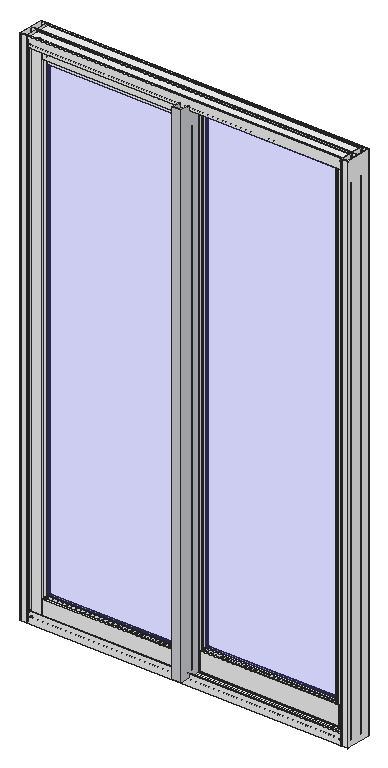
Revit family "Palace_Multi_XO_Standard", category Doors, host Wall, Revit 2014
Parameters (values of type "Palace-1524XO-1000Pa")
  Windload Design = if(Custom Windload < 1001 mm, 1000 mm, if(Custom Windload < 1501 mm, 1500 mm, 2000 mm))  # 1000 mm
  Width Sash Right [instance] = 758 mm
  Width Sash Left [instance] = 732 mm
  Width = if(Custom Door Width < Limit Door Width Min, Limit Door Width Min, if(Custom Door Width > Limit Door Width Max, Limit Door Width Max, Custom Door Width))  # 1490 mm
  Wall Thickness [instance] = 200 mm
  URL = "http://www.crealco.co.za/crealco-products.php"
  Toughened Safety U Value = 6.05
  Toughened Safety SHGC Value = 0.673
  Thickness = 758 mm
  Thermal Resistance (R) [instance] = if(IGDB or SAGDB Number = 1000016, 1.0000 (m²·K)/W / Toughened Safety U Value, if(IGDB or SAGDB Number = 100100, 1.0000 (m²·K)/W / Intruderprufe U Value, if(IGDB or SAGDB Number = 103200, 1.0000 (m²·K)/W / Intruderprufe LowE U Value, if(IGDB or SAGDB Number = 105003, 1.0000 (m²·K)/W / Intruderprufe Insulated U Value, if(IGDB or SAGDB Number = 105004, 1.0000 (m²·K)/W / Intruderprufe Insulated LowE U Value, 1.0000 (m²·K)/W / 7.9))))) * 1  # 0.126582 (m²·K)/W
  Solar Heat Gain Coefficient [instance] = if(IGDB or SAGDB Number = 1000016, Toughened Safety SHGC Value, if(IGDB or SAGDB Number = 100100, Intruderprufe SHGC Value, if(IGDB or SAGDB Number = 103200, Intruderprufe LowE SHGC Value, if(IGDB or SAGDB Number = 105003, Intruderprufe Insulated SHGC Value, if(IGDB or SAGDB Number = 105004, Intruderprufe Insulated LowE SHGC Value, 0)))))  # 0
  Single Glazing [instance] = not(Double Glazing)  # yes
  Sash Width Right = (Width - (2 * Sash Side Gap) - Sash Width Left) + Sash Interlocker Width  # 732 mm
  Sash Width Left = if(Equal Sash Width, ((Width - (2 * Sash Side Gap)) / 2) + (Sash Interlocker Width / 2), if(Custom Sash Width Left < Limit Sash Width Left Min, Limit Sash Width Left Min, if(Custom Sash Width Left > Limit Sash Width Left Max, Limit Sash Width Left Max, Custom Sash Width Left)))  # 732 mm
  Sash Interlocker Width = 40 mm  # constant formula
  Sash Height = Height - Sash Top Gap - Sash Bottom Gap  # 2331 mm
  Sash Top Gap = 28 mm  # constant formula
  Sash Side Gap = 33 mm  # constant formula
  Sash Frame Seal = 2.7 mm  # constant formula
  Sash Bottom Gap = 31 mm  # constant formula
  Rough Width = 2.5 mm
  Overall Width [instance] = 1490 mm
  Overall Height [instance] = 2390 mm
  Model = "Palace"  # constant formula
  Max System DG Unit Thickness = 25 mm  # constant formula
  Max System DG One Piece Thickness = rounddown((Max System DG Unit Thickness - DG Air Gap Thickness) / 2 mm) * 1 mm  # 6 mm
  Max Pane Area = if(Area Right Sash Glazing > Area Left Sash Glazing, Area Right Sash Glazing, Area Left Sash Glazing)  # 1.35969 m²
  Manufacturer = "Crealco"  # constant formula
  Limit Door Width Min = (2 * Limit Sash Width Min) + (2 * Sash Side Gap) - Sash Interlocker Width  # 626 mm
  Limit Door Width Max = 2990 mm  # constant formula
  Limit Door Height Min = Limit Sash Height Min + Sash Bottom Gap + Sash Top Gap  # 359 mm
  Limit Door Height Max = 2390 mm  # constant formula
  Limit Sash Width Min = 300 mm  # constant formula
  Limit Sash Width Max = 1500 mm  # constant formula
  Limit Sash Width Left Min = if(Width - (2 * Sash Side Gap) - Limit Sash Width Max + Sash Interlocker Width < Limit Sash Width Min, Limit Sash Width Min, Width - (2 * Sash Side Gap) - Limit Sash Width Max + Sash Interlocker Width)  # 300 mm
  Limit Sash Width Left Max = if(Width - (2 * Sash Side Gap) - Limit Sash Width Min + Sash Interlocker Width > Limit Sash Width Max, Limit Sash Width Max, Width - (2 * Sash Side Gap) - Limit Sash Width Min + Sash Interlocker Width)  # 1164 mm
  Limit Sash Height Min = 300 mm  # constant formula
  Limit Sash Height Max = 2400 mm  # constant formula
  Intruderprufe U Value = 5.94
  Intruderprufe SHGC Value = 0.632
  Intruderprufe LowE U Value = 4.71
  Intruderprufe LowE SHGC Value = 0.559
  Intruderprufe Insulated U Value = 3.71
  Intruderprufe Insulated SHGC Value = 0.548
  Intruderprufe Insulated LowE U Value = 3.16
  Intruderprufe Insulated LowE SHGC Value = 0.496
  Interlock Configuration = if(Windload Design = 1000 mm, if(and(not(Width > 1790 mm), not(Height > 2090 mm)), 0 mm, 1 mm), if(Windload Design = 1500 mm, 1 mm, 1 mm))  # 1 mm
  IGDB or SAGDB Number [instance] = 0
  Height Sash [instance] = 2331 mm
  Height = if(Custom Door Height < Limit Door Height Min, Limit Door Height Min, if(Custom Door Height > Limit Door Height Max, Limit Door Height Max, Custom Door Height))  # 2390 mm
  Heat Transfer Coefficient (U) [instance] = if(IGDB or SAGDB Number = 1000016, Toughened Safety U Value, if(IGDB or SAGDB Number = 100100, Intruderprufe U Value, if(IGDB or SAGDB Number = 103200, Intruderprufe LowE U Value, if(IGDB or SAGDB Number = 105003, Intruderprufe Insulated U Value, if(IGDB or SAGDB Number = 105004, Intruderprufe Insulated LowE U Value, 7.9))))) * 1.0000 W/(m²·K)  # 7.9000 W/(m²·K)
  Glazing Thickness DG [instance] = if(IGDB or SAGDB Number = 105003, 6 mm, if(IGDB or SAGDB Number = 105004, 7 mm, if(DG Thickness Calc > Max System DG One Piece Thickness, Max System DG One Piece Thickness, DG Thickness Calc)))  # 6 mm
  Glazing Thickness SG [instance] = if(IGDB or SAGDB Number = 1000016, 5 mm, if(IGDB or SAGDB Number = 100100, 6 mm, if(IGDB or SAGDB Number = 103200, 7 mm, if(not(Max Pane Area > 0.75 m²), 4 mm, if(not(Max Pane Area > 1.50 m²), 4 mm, if(not(Max Pane Area > 2.10 m²), 5 mm, if(not(Max Pane Area > 2.90 m²), 6.4 mm, if(not(Max Pane Area > 4.30 m²), 8 mm, 10 mm))))))))  # 4 mm
  Glazing Material [instance] = if(IGDB or SAGDB Number = 1000016, "PFG TOUGHENED SAFETY GLASS 5mm", if(IGDB or SAGDB Number = 100100, "PFG INTRUDERPRUFE 6.38mm", if(IGDB or SAGDB Number = 103200, "PFG INTRUDERPRUFE LOW-E 7.38mm", if(IGDB or SAGDB Number = 105003, "PFG 25mm INTRUDERPRUFE INSULATED GLASS", if(IGDB or SAGDB Number = 105004, "PFG 25mm INTRUDERPRUFE INSULATED GLASS LOW-E", "Unknown")))))  # "Unknown"
  Glazing Finish [instance] = Glass
  Glazing Code [instance] = if(IGDB or SAGDB Number = 1000016, "TSG5", if(IGDB or SAGDB Number = 100100, "LAM01", if(IGDB or SAGDB Number = 103200, "LAM01E", if(IGDB or SAGDB Number = 105003, "IGU25", if(IGDB or SAGDB Number = 105004, "IGU25E", "Unknown")))))  # "Unknown"
  Frame Thickness = 118 mm  # constant formula
  Frame Offset From Exterior [instance] = Frame Thickness / 2  # 59 mm
  Equal Sash Width = yes
  Double Glazing Gasket Material = Double Glazing Gasket Material
  Double Glazing [instance] = no
  Description = "High performance sliding door, XO"  # constant formula
  Default Sill Height = 0 mm  # constant formula
  Wall Closure = By host
  DG Thickness Calc = if(not(Max Pane Area > 1.125 m²), 6 mm, if(not(Max Pane Area > 2.25 m²), 6 mm, if(not(Max Pane Area > 3.15 m²), 6 mm, if(not(Max Pane Area > 4.35 m²), 6 mm, if(not(Max Pane Area > 6.45 m²), 8 mm, 10 mm)))))  # 6 mm
  DG Air Gap Thickness = 12 mm  # constant formula
  Custom Door Width = 1490 mm
  Custom Door Height = 2390 mm
  Custom Windload = 1000 mm
  Custom Sash Width Left = 600 mm
  Custom Frame Offset From Exterior = 0 mm
  Centered In Wall = yes
  Area Right Sash Glazing = (Sash Width Right - 65 mm - 45 mm) * (Sash Height - 90 mm - 55 mm)  # 1.35969 m²
  Area Left Sash Glazing = (Sash Width Left - 65 mm - 45 mm) * (Sash Height - 90 mm - 55 mm)  # 1.35969 m²
  Aluminium Finish [instance] = White Powder Coated Aluminium ANP 1052
  All Available Glazing Numbers [instance] = "The rows below list the available glazing materials for this window:"  # constant formula
  105004 [instance] = "IGU25E"  # constant formula
  105003 [instance] = "IGU25"  # constant formula
  103200 [instance] = "LAM01E"  # constant formula
  100100 [instance] = "LAM01"  # constant formula
  1000016 [instance] = "TSG5"  # constant formula
Reference planes
  plane 1 "Center (Front/Back)": y = 0
  plane 2 "Center (Left/Right)": x = 0
  plane 3 "Left": x = -745
  plane 4 "Right": x = 745
  plane 5 "Sill": z = 0
  plane 6 "Head": z = 2390
  plane 7 "Exterior": y = 100
  plane 8 "Interior": y = -100
Lines and regions (mm)
  Opening 1
    outline origin (3500, -100, 0) x (1, 0, 0) y (0, 0, 1)
      loop
        line (-2755, 0) -> (-2755, 2390) -> (-4245, 2390) -> (-4245, 0) -> (-2755, 0)
Text (mm)
  text "EXTERIOR" at (-1963.203, 1332.353, 0), in view "Ref. Level"
  text "INTERIOR" at (-1981.466, -818.386, 0), in view "Ref. Level"
  text "Exterior" at (0, 923.751, 2943.296), in view "Right"
  text "Exterior" at (0, 1040.484, 2685.409), in view "Left"
Dimensions and locks
  equal spacing: plane 3 "Left", plane 2 "Center (Left/Right)", plane 4 "Right"
  "Width": plane 3 "Left" to plane 4 "Right"
  "Height": plane 5 "Sill" to plane 6 "Head"
  "Default Sill Height": plane 5 "Sill" to level
  locked: plane 7 "Exterior" to host wall at 0
  locked: plane 8 "Interior" to host wall
  "Overall Height": plane 6 "Head" to plane 5 "Sill"
  "Overall Width": plane 3 "Left" to plane 4 "Right"
  "Frame Offset From Exterior": host wall to nested 1
  "Sash Side Gap": plane 3 "Left" to nested 2
  "Sash Frame Seal": nested 2 to nested 1
  "Sash Top Gap": nested 2 to plane 6 "Head"
  "Sash Side Gap": nested 3 to plane 4 "Right"
  "Sash Frame Seal": nested 1 to nested 3
  "Sash Top Gap": nested 3 to plane 6 "Head"
  "Height Sash": nested 3 to nested 3
  "Width Sash Left": nested 3 to nested 3
  "Sash Width Right": nested 2 to nested 2
  aligned and locked: plane 6 "Head" to nested 1
  aligned and locked: plane 3 "Left" to nested 1
Automatic sketch dimensions
  plane 3 "Left" to Opening 1 sketch curve = 0 mm
  plane 4 "Right" to Opening 1 sketch curve = 0 mm
  Opening 1 sketch curve to plane 5 "Sill" = 0 mm
  Opening 1 sketch curve to plane 6 "Head" = 0 mm
Nested families
  nested 1: "Palace_Frame_XO_Palace_XO_Std" at (-753.868, -56.684, -7.5), Profile Material <- "Aluminium Finish", Width <- "Width", Height <- "Height", type "Palace_Frame_XO_Palace_XO_Std"
    with Width 1490 mm, Profile Material White Powder Coated Aluminium ANP 1052, Length Jamb Adaptor 2295 mm, Length Jamb 2390 mm, Length Head & Sill 1430 mm, Length Floor Track 1430 mm, Height 2390 mm
  nested 2: "Palace_Sash_Fixed_Palace_XO_Std" at (20, -5.504, 31), Profile Material <- "Aluminium Finish", Glazing Material <- "Glazing Finish", Double Glazing Gasket Material <- "Double Glazing Gasket Material", Interlock Configuration <- "Interlock Configuration", Sash Width <- "Sash Width Right", Sash Height <- "Sash Height", Glazing Thickness DG <- "Glazing Thickness DG", Glazing Thickness SG <- "Glazing Thickness SG", DG Gasket Thickness <- "DG Air Gap Thickness", Double Glazing <- "Double Glazing", type "Palace_Sash_Fixed_Palace_XO_Std"
    with Standard Interlocker no, Single Glazing yes, Sash Width 732 mm, Sash Height 2331 mm, SG Exterior Offset 27.85 mm, Right Sliding no, Profile Material White Powder Coated Aluminium ANP 1052, Length Sash Head & Sill 632 mm, Length Jamb 2331 mm, Left Sliding no, Is Sliding no, Interlock Configuration 1 mm, Heavy Duty Interlock yes, Glazing Width 622 mm, Glazing Thickness SG 4 mm, Glazing Thickness DG 6 mm, Glazing Material Glass, Glazing Height 2186 mm, Double Glazing Gasket Material Double Glazing Gasket Material, Double Glazing no, DG Gasket Thickness 12 mm, DG Exterior Offset 9.9 mm, Bead Width 632 mm, Bead Height 2196 mm
  nested 3: "Palace_Sash_Sliding_Palace_XO_Std" at (-20, 49.5, 31) x (-1, 0, 0) z (0, 0, 1), Profile Material <- "Aluminium Finish", Glazing Material <- "Glazing Finish", Double Glazing Gasket Material <- "Double Glazing Gasket Material", Interlock Configuration <- "Interlock Configuration", Sash Width <- "Sash Width Left", Sash Height <- "Sash Height", Glazing Thickness DG <- "Glazing Thickness DG", Glazing Thickness SG <- "Glazing Thickness SG", DG Gasket Thickness <- "DG Air Gap Thickness", Double Glazing <- "Double Glazing", type "Palace_Sash_Sliding_Palace_XO_Std"
    with Standard Interlocker yes, Single Glazing yes, Sash Width 732 mm, Sash Height 2331 mm, SG Exterior Offset 27.85 mm, Right Sliding yes, Profile Material White Powder Coated Aluminium ANP 1052, Length Sash Head & Sill 632 mm, Length Jamb & Interlocker 2331 mm, Left Sliding no, Is Sliding yes, Interlock Configuration 1 mm, Heavy Duty Interlock no, Glazing Width 622 mm, Glazing Thickness SG 4 mm, Glazing Thickness DG 6 mm, Glazing Material Glass, Glazing Height 2186 mm, Double Glazing Gasket Material Double Glazing Gasket Material, Double Glazing no, DG Gasket Thickness 12 mm, DG Exterior Offset 9.9 mm, Bead Width 632 mm, Bead Height 2196 mm
  nested 4: "Single_Glazing_Palace_XO_Std" at (-647, -37.354, 121) x (-1, 0, 0) z (0, 0, 1), type "Single_Glazing_Palace_XO_Std"
    with Right Sliding no, Length Arrow Tip 52.667 mm, Length Arrow 173.8 mm, Left Sliding no, Is Sliding no, Glazing Width 622 mm, Glazing Thickness SG 4 mm, Glazing Material Glass, Glazing Height 2186 mm, Double Glazing Gasket Material Double Glazing Gasket Material, Arrow Tip Length 52.667 mm, Arrow Left Gap 224.1 mm, Arrow Bottom Gap 1093 mm
  nested 5: "Single_Glazing_Palace_XO_Std" at (647, 17.65, 121), type "Single_Glazing_Palace_XO_Std"
    with Right Sliding yes, Length Arrow Tip 52.667 mm, Length Arrow 173.8 mm, Left Sliding no, Is Sliding yes, Glazing Width 622 mm, Glazing Thickness SG 4 mm, Glazing Material Glass, Glazing Height 2186 mm, Double Glazing Gasket Material Double Glazing Gasket Material, Arrow Tip Length 52.667 mm, Arrow Left Gap 224.1 mm, Arrow Bottom Gap 1093 mm
Definition of nested family "Palace_Frame_XO_Palace_XO_Std"
  Parameters (values of type "Palace_Frame_XO")
    Width [instance] = 900 mm
    Profile Material [instance] = none
    Length Jamb Adaptor [instance] = Height - Jamb Adaptor Top Gap - Jamb Adaptor Bottom Gap  # 505 mm
    Length Jamb [instance] = Height  # 600 mm
    Length Head & Sill [instance] = Width - (2 * Jamb Thickness)  # 840 mm
    Length Floor Track [instance] = Width - (2 * Jamb Thickness)  # 840 mm
    Jamb Thickness = 30 mm  # constant formula
    Jamb Adaptor Top Gap = 45 mm  # constant formula
    Jamb Adaptor Bottom Gap = 50 mm  # constant formula
    Height [instance] = 600 mm
  Reference planes
    plane 1 "Center (Front/Back)": y = 0
    plane 2: z = 0
    plane 3 "Center (Left/Right)": x = 0
  Dimensions and locks
    nested 7 to plane 3 "Center (Left/Right)" = 38.869 mm
    aligned and locked: level to plane 2
    aligned and locked: nested 6 to nested 2  (x2)
    aligned and locked: nested 5 to nested 1  (x2)
    aligned and locked: nested 3 to nested 1  (x2)
    aligned and locked: nested 2 to nested 3  (x2)
    aligned and locked: nested 3 to nested 2
    aligned and locked: nested 4 to nested 1  (x3)
    aligned and locked: nested 1 to nested 3
    aligned and locked: nested 7 to nested 3  (x2)
    aligned and locked: nested 3 to nested 8
    aligned and locked: nested 8 to nested 3  (x2)
    aligned and locked: nested 3 to nested 7
    aligned and locked: nested 5 to nested 4
    aligned and locked: nested 6 to nested 4
  Nested families
    nested 1: "Palace_Double_Box_Jamb" at (1.053, -8.811, 7.5), Length Jamb <- "Length Jamb", Profile Material <- "Profile Material", type "Palace_Double_Box_Jamb"
      with Profile Material none, Length Jamb 600 mm
    nested 2: "Palace_Double_Box_Jamb" at (916.684, -8.811, 7.5) x (-1, 0, 0) z (0, 0, 1), Length Jamb <- "Length Jamb", Profile Material <- "Profile Material", type "Palace_Double_Box_Jamb"
      with Profile Material none, Length Jamb 600 mm
    nested 3: "Palace_Double_Sill_Rail" at (38.869, -45.047, -36.227), Length Sill <- "Length Head & Sill", Profile Material <- "Profile Material", type "Palace_Double_Sill_Rail"
      with Profile Material none, Length Sill 840 mm
    nested 4: "Palace_Double_Head_Rail" at (38.869, -51.007, 18.108), Length Head <- "Length Head & Sill", Profile Material <- "Profile Material", type "Palace_Double_Head_Rail"
      with Profile Material none, Length Head 840 mm
    nested 5: "Palace_Jamb_Adpator" at (33.82, -10.517, 57.5), Length Jamb Adaptor <- "Length Jamb Adaptor", Profile Material <- "Profile Material", type "Palace_Jamb_Adpator"
      with Profile Material none, Length Jamb Adaptor 505 mm
    nested 6: "Palace_Jamb_Adpator" at (883.918, 44.483, 57.5) x (-1, 0, 0) z (0, 0, 1), Length Jamb Adaptor <- "Length Jamb Adaptor", Profile Material <- "Profile Material", type "Palace_Jamb_Adpator"
      with Profile Material none, Length Jamb Adaptor 505 mm
    nested 7: "Palace_Floor_Track" at (38.869, 11.493, 18.85), Profile Material <- "Profile Material", Length Floor Track <- "Length Floor Track", type "Palace_Floor_Track"
      with Profile Material none, Length Floor Track 840 mm
    nested 8: "Palace_Floor_Track" at (38.869, 101.375, 18.85), Profile Material <- "Profile Material", Length Floor Track <- "Length Floor Track", type "Palace_Floor_Track"
      with Profile Material none, Length Floor Track 840 mm
  Definition of nested family "Palace_Double_Box_Jamb"
    Parameters (values of type "Palace_Double_Box_Jamb")
      Profile Material [instance] = none
      Length Jamb [instance] = 250 mm
    Reference planes
      plane 1 "Center (Front/Back)": y = 0
      plane 2: z = 0
      plane 3 "Center (Left/Right)": x = 0
    Forms (mm)
      Extrusion 1, solid, material <- "Profile Material"
        sketch origin (0, 0, 0) x (1, 0, 0) y (0, 1, 0)
          loop
            line (35.815, 71.242) -> (35.815, 114.749)
            arc (35.815, 114.749) -> (35.945, 115.42) -> (36.315, 115.994) r 1.8
            line (36.315, 115.994) -> (36.315, 122.995) -> (9.315, 122.995) -> (9.315, 66.195) -> (36.315, 66.195) -> (36.315, 69.997)
            arc (36.315, 69.997) -> (35.945, 70.571) -> (35.815, 71.242) r 1.8
          loop
            line (8.815, 6.495) -> (38.815, 6.495) -> (38.815, 7.495) -> (37.816, 7.495) -> (37.816, 15.287) -> (37.315, 16.242) -> (37.315, 59.822) -> (37.815, 60.775) -> (37.815, 70.288) -> (37.315, 71.242) -> (37.315, 114.822) -> (37.815, 115.775) -> (37.815, 123.495) -> (38.815, 123.495) -> (38.815, 124.495) -> (8.815, 124.495)
            arc (8.815, 124.495) -> (8.108, 124.202) -> (7.815, 123.495) r 1
            line (7.815, 123.495) -> (7.815, 7.495)
            arc (7.815, 7.495) -> (8.108, 6.788) -> (8.815, 6.495) r 1
          loop
            line (36.315, 60.994) -> (36.315, 64.795) -> (9.315, 64.795) -> (9.315, 7.995) -> (36.317, 7.995) -> (36.317, 14.995)
            arc (36.317, 14.995) -> (35.945, 15.569) -> (35.815, 16.242) r 1.8
            line (35.815, 16.242) -> (35.815, 59.749)
            arc (35.815, 59.749) -> (35.945, 60.42) -> (36.315, 60.994) r 1.8
        from 0 to 250 <- "Length Jamb"
    Dimensions and locks
      aligned and locked: level to plane 2
  Definition of nested family "Palace_Double_Sill_Rail"
    Parameters (values of type "Palace_Double_Sill_Rail")
      Profile Material [instance] = none
      Length Sill [instance] = 250 mm
    Reference planes
      plane 1 "Center (Front/Back)": y = 0
      plane 2: z = 0
      plane 3 "Center (Left/Right)": x = 0
    Forms (mm)
      Extrusion 1, solid, material <- "Profile Material"
        sketch origin (0, 0, 0) x (0, 1, 0) y (0, 0, 1)
          loop
            arc (48.531, 91.477) -> (49.031, 90.977) -> (49.531, 91.477) r 0.5
            line (49.531, 91.477) -> (49.531, 93.727) -> (43.731, 93.727) -> (43.731, 43.727) -> (49.531, 43.727) -> (49.531, 45.127) -> (45.531, 45.127) -> (45.531, 64.882)
            arc (45.531, 64.882) -> (45.842, 65.607) -> (46.583, 65.88) r 1
            line (46.583, 65.88) -> (57.096, 65.329)
            arc (57.096, 65.329) -> (58.577, 64.647) -> (59.181, 63.132) r 2.2
            line (59.181, 63.132) -> (59.181, 60.472)
            arc (59.181, 60.472) -> (59.796, 58.987) -> (61.281, 58.372) r 2.1
            line (61.281, 58.372) -> (83.695, 58.372)
            arc (83.695, 58.372) -> (84.71, 57.86) -> (85.831, 57.672) r 3.787
            line (85.831, 57.672) -> (87.581, 57.672)
            arc (87.581, 57.672) -> (89.961, 58.613) -> (91.165, 60.872) r 3.711
            line (91.165, 60.872) -> (100.931, 60.872) -> (100.931, 45.137) -> (98.931, 45.137) -> (98.931, 43.737) -> (104.531, 43.737) -> (104.531, 45.137) -> (102.531, 45.137) -> (102.531, 60.872) -> (114.181, 60.872) -> (114.181, 58.372) -> (138.695, 58.372)
            arc (138.695, 58.372) -> (139.71, 57.86) -> (140.831, 57.672) r 3.787
            line (140.831, 57.672) -> (142.581, 57.672)
            arc (142.581, 57.672) -> (144.881, 58.544) -> (146.13, 60.663) r 3.711
            line (146.13, 60.663) -> (157.931, 60.045) -> (157.931, 45.127) -> (153.931, 45.127) -> (153.931, 43.727) -> (159.731, 43.727) -> (159.731, 59.57)
            arc (159.731, 59.57) -> (159.099, 61.154) -> (157.551, 61.867) r 2.3
            line (157.551, 61.867) -> (142.481, 62.657) -> (142.481, 61.672) -> (144.38, 61.337)
            arc (144.38, 61.337) -> (143.876, 60.022) -> (142.581, 59.472) r 1.8
            line (142.581, 59.472) -> (140.831, 59.472)
            arc (140.831, 59.472) -> (140.037, 59.656) -> (139.406, 60.172) r 1.8
            line (139.406, 60.172) -> (115.981, 60.172) -> (115.981, 62.672) -> (87.481, 62.672) -> (87.481, 61.672) -> (89.38, 61.337)
            arc (89.38, 61.337) -> (88.876, 60.022) -> (87.581, 59.472) r 1.8
            line (87.581, 59.472) -> (85.831, 59.472)
            arc (85.831, 59.472) -> (85.037, 59.656) -> (84.406, 60.172) r 1.8
            line (84.406, 60.172) -> (60.981, 60.172) -> (60.981, 63.132)
            arc (60.981, 63.132) -> (59.882, 65.886) -> (57.19, 67.127) r 4
            line (57.19, 67.127) -> (46.478, 67.688)
            arc (46.478, 67.688) -> (45.805, 67.999) -> (45.531, 68.687) r 1
            line (45.531, 68.687) -> (45.531, 83.727) -> (49.531, 83.727) -> (49.531, 85.977)
            arc (49.531, 85.977) -> (49.031, 86.477) -> (48.531, 85.977) r 0.5
            line (48.531, 85.977) -> (48.531, 84.977) -> (47.331, 84.977) -> (47.331, 86.477) -> (45.731, 86.477) -> (45.731, 90.977) -> (47.331, 90.977) -> (47.331, 92.477) -> (48.531, 92.477) -> (48.531, 91.477)
        from 0 to 250 <- "Length Sill"
    Dimensions and locks
      aligned and locked: level to plane 2
  Definition of nested family "Palace_Double_Head_Rail"
    Parameters (values of type "Palace_Double_Head_Rail")
      Profile Material [instance] = none
      Length Head [instance] = 250 mm
    Reference planes
      plane 1 "Center (Front/Back)": y = 0
      plane 2: z = 0
      plane 3 "Center (Left/Right)": x = 0
    Forms (mm)
      Extrusion 1, solid, material <- "Profile Material"
        sketch origin (0, 0, 0) x (0, 1, 0) y (0, 0, 1)
          loop
            arc (51.891, 581.192) -> (51.467, 581.368) -> (51.291, 581.792) r 0.6
            line (51.291, 581.792) -> (51.291, 587.392)
            arc (51.291, 587.392) -> (51.467, 587.816) -> (51.891, 587.992) r 0.6
            line (51.891, 587.992) -> (55.491, 587.992) -> (55.491, 589.392) -> (49.691, 589.392) -> (49.691, 544.392) -> (55.491, 544.392) -> (55.491, 546.642)
            arc (55.491, 546.642) -> (54.991, 547.142) -> (54.491, 546.642) r 0.5
            line (54.491, 546.642) -> (54.491, 545.642) -> (53.291, 545.642) -> (53.291, 547.142) -> (51.691, 547.142) -> (51.691, 551.642) -> (53.291, 551.642) -> (53.291, 553.142) -> (54.491, 553.142) -> (54.491, 552.142)
            arc (54.491, 552.142) -> (54.991, 551.642) -> (55.491, 552.142) r 0.5
            line (55.491, 552.142) -> (55.491, 554.392) -> (51.491, 554.392) -> (51.491, 579.392) -> (106.791, 579.392) -> (106.791, 554.392) -> (104.891, 554.392) -> (104.891, 552.142)
            arc (104.891, 552.142) -> (105.391, 551.642) -> (105.891, 552.142) r 0.5
            line (105.891, 552.142) -> (105.891, 553.142) -> (107.091, 553.142) -> (107.091, 545.642) -> (105.891, 545.642) -> (105.891, 546.642)
            arc (105.891, 546.642) -> (105.391, 547.142) -> (104.891, 546.642) r 0.5
            line (104.891, 546.642) -> (104.891, 544.392) -> (110.491, 544.392) -> (110.491, 546.642)
            arc (110.491, 546.642) -> (109.991, 547.142) -> (109.491, 546.642) r 0.5
            line (109.491, 546.642) -> (109.491, 545.642) -> (108.291, 545.642) -> (108.291, 553.142) -> (109.491, 553.142) -> (109.491, 552.142)
            arc (109.491, 552.142) -> (109.991, 551.642) -> (110.491, 552.142) r 0.5
            line (110.491, 552.142) -> (110.491, 554.392) -> (108.591, 554.392) -> (108.591, 579.392) -> (163.891, 579.392) -> (163.891, 554.392) -> (159.891, 554.392) -> (159.891, 552.142)
            arc (159.891, 552.142) -> (160.391, 551.642) -> (160.891, 552.142) r 0.5
            line (160.891, 552.142) -> (160.891, 553.142) -> (162.091, 553.142) -> (162.091, 551.642) -> (163.691, 551.642) -> (163.691, 547.142) -> (162.091, 547.142) -> (162.091, 545.642) -> (160.891, 545.642) -> (160.891, 546.642)
            arc (160.891, 546.642) -> (160.391, 547.142) -> (159.891, 546.642) r 0.5
            line (159.891, 546.642) -> (159.891, 544.392) -> (165.691, 544.392) -> (165.691, 589.392) -> (159.891, 589.392) -> (159.891, 587.992) -> (163.491, 587.992)
            arc (163.491, 587.992) -> (163.915, 587.816) -> (164.091, 587.392) r 0.6
            line (164.091, 587.392) -> (164.091, 581.792)
            arc (164.091, 581.792) -> (163.915, 581.368) -> (163.491, 581.192) r 0.6
            line (163.491, 581.192) -> (108.491, 581.192) -> (108.491, 587.992) -> (110.491, 587.992) -> (110.491, 589.392) -> (104.891, 589.392) -> (104.891, 587.992) -> (106.891, 587.992) -> (106.891, 581.192) -> (51.891, 581.192)
        from 0 to 250 <- "Length Head"
    Dimensions and locks
      aligned and locked: level to plane 2
  Definition of nested family "Palace_Jamb_Adpator"
    Parameters (values of type "Palace_Jamb_Adpator")
      Profile Material [instance] = none
      Length Jamb Adaptor [instance] = 250 mm
    Reference planes
      plane 1 "Center (Front/Back)": y = 0
      plane 2: z = 0
      plane 3 "Center (Left/Right)": x = 0
    Forms (mm)
      Extrusion 1, solid, material <- "Profile Material"
        sketch origin (0, 0, 0) x (1, 0, 0) y (0, 1, 0)
          loop
            line (12.699, 15.001) -> (10.449, 15.001) -> (10.449, 10.801) -> (6.449, 10.801) -> (6.449, 68.601) -> (10.449, 68.601) -> (10.449, 64.401) -> (12.699, 64.401)
            arc (12.699, 64.401) -> (13.199, 64.901) -> (12.699, 65.401) r 0.5
            line (12.699, 65.401) -> (11.699, 65.401) -> (11.699, 66.601) -> (13.199, 66.601) -> (13.199, 68.201) -> (17.699, 68.201) -> (17.699, 66.601) -> (19.199, 66.601) -> (19.199, 65.401) -> (18.199, 65.401)
            arc (18.199, 65.401) -> (17.699, 64.901) -> (18.199, 64.401) r 0.5
            line (18.199, 64.401) -> (20.449, 64.401) -> (20.449, 70.201) -> (5.049, 70.201) -> (5.049, 62.201) -> (4.589, 61.255) -> (4.589, 17.997) -> (5.049, 17.201) -> (5.049, 9.201) -> (20.449, 9.201) -> (20.449, 15.001) -> (18.199, 15.001)
            arc (18.199, 15.001) -> (17.699, 14.501) -> (18.199, 14.001) r 0.5
            line (18.199, 14.001) -> (19.199, 14.001) -> (19.199, 12.801) -> (17.699, 12.801) -> (17.699, 11.201) -> (13.199, 11.201) -> (13.199, 12.801) -> (11.699, 12.801) -> (11.699, 14.001) -> (12.699, 14.001)
            arc (12.699, 14.001) -> (13.199, 14.501) -> (12.699, 15.001) r 0.5
        from 0 to 250 <- "Length Jamb Adaptor"
    Lines and regions (mm)
      Filled region 1, type "W31590.dwg-1", in view "Ref. Level"
        outline origin (0, 0, 0) x (1, 0, 0) y (0, 1, 0)
          loop
            line (1485.097, 203.54) -> (1485.514, 201.04) -> (1485.931, 203.54) -> (1485.097, 203.54)
      Filled region 2, type "W31590.dwg-1", in view "Ref. Level"
        outline origin (0, 0, 0) x (1, 0, 0) y (0, 1, 0)
          loop
            line (1485.097, 213.94) -> (1485.931, 213.94) -> (1485.514, 216.44) -> (1485.097, 213.94)
      Filled region 3, type "W31590.dwg-1", in view "Ref. Level"
        outline origin (0, 0, 0) x (1, 0, 0) y (0, 1, 0)
          loop
            line (1498.155, 225.975) -> (1495.655, 225.559) -> (1498.155, 225.142) -> (1498.155, 225.975)
      Filled region 4, type "W31590.dwg-1", in view "Ref. Level"
        outline origin (0, 0, 0) x (1, 0, 0) y (0, 1, 0)
          loop
            line (1554.155, 225.975) -> (1554.155, 225.142) -> (1556.655, 225.559) -> (1554.155, 225.975)
    Text (mm)
      text "15.40" at (1483.014, 228.748, 0), in view "Ref. Level"
      text "61.00" at (1526.155, 228.059, 0), in view "Ref. Level"
    Dimensions and locks
      aligned and locked: level to plane 2
  Definition of nested family "Palace_Floor_Track"
    Parameters (values of type "Palace_Floor_Track")
      Profile Material [instance] = none
      Length Floor Track [instance] = 250 mm
    Reference planes
      plane 1 "Center (Front/Back)": y = 0
      plane 2: z = 0
      plane 3 "Center (Left/Right)": x = 0
    Forms (mm)
      Extrusion 1, solid, material <- "Profile Material"
        sketch origin (0, 0, 0) x (0, 1, 0) y (0, 0, 1)
          loop
            line (14.691, 12.348) -> (14.691, 7.595) -> (4.441, 7.595) -> (4.441, 5.095) -> (30.441, 5.095) -> (30.441, 7.595) -> (20.191, 7.595) -> (20.191, 12.348)
            arc (20.191, 12.348) -> (17.441, 15.098) -> (14.691, 12.348) r 2.75
        from 0 to 250 <- "Length Floor Track"
    Dimensions and locks
      aligned and locked: level to plane 2
Definition of nested family "Palace_Sash_Fixed_Palace_XO_Std"
  Parameters (values of type "Palace_Sash_Fixed")
    Standard Interlocker [instance] = if(Interlock Configuration = 0 mm, 1 = 1, 1 = 0)  # no
    Single Glazing [instance] = not(Double Glazing)  # yes
    Sill Height = 85 mm
    SG Exterior Offset [instance] = Back Glazing Pillar Gap - SG Available Space + ((SG Available Space - Glazing Thickness SG) / 2)  # 27.85 mm
    SG Available Space = 12.9 mm  # constant formula
    Length Jamb [instance] = Sash Height  # 900 mm
    Jamb Width = 60 mm  # constant formula
    Heavy Duty Interlock [instance] = if(or(Interlock Configuration = 1 mm, Interlock Configuration = 2 mm), 1 = 1, 1 = 0)  # yes
    Interlocker Width = 40 mm  # constant formula
    Interlock Configuration [instance] = 1 mm
    Sash Width [instance] = 900 mm
    Sash Height [instance] = 900 mm
    Right Sliding [instance] = yes
    Profile Material [instance] = White Powder Coated Aluminium ANP 1052
    Length Sash Head & Sill [instance] = Sash Width - Interlocker Width - Jamb Width  # 800 mm
    Left Sliding [instance] = yes
    Is Sliding [instance] = if(or(Right Sliding, Left Sliding), 1 = 1, 1 = 2)  # yes
    Head Height = 50 mm  # constant formula
    Glazing Width [instance] = Sash Width - Glazing Jamb Gap - Glazing Interlocker Gap  # 790 mm
    Glazing Thickness DG [instance] = 3 mm
    Glazing Thickness SG [instance] = 4 mm
    Glazing Spacer = 5 mm  # constant formula
    Glazing Sill Gap = Sill Height + Glazing Spacer  # 90 mm
    Glazing Material [instance] = Glass
    Glazing Jamb Gap = Jamb Width + Glazing Spacer  # 65 mm
    Glazing Interlocker Gap = Interlocker Width + Glazing Spacer  # 45 mm
    Glazing Height [instance] = Sash Height - Glazing Head Gap - Glazing Sill Gap  # 755 mm
    Glazing Head Gap = Head Height + Glazing Spacer  # 55 mm
    DG Gasket Thickness [instance] = 12 mm
    Double Glazing Gasket Material [instance] = none
    Double Glazing [instance] = no
    DG Exterior Offset [instance] = Back Glazing Pillar Gap - DG Available Space + ((DG Available Space - ((Glazing Thickness DG * 2) + DG Gasket Thickness)) / 2)  # 12.9 mm
    DG Available Space = 28.8 mm  # constant formula
    Bead Width [instance] = Sash Width - Interlocker Width - Jamb Width  # 800 mm
    Bead Height [instance] = Sash Height - Sill Height - Head Height  # 765 mm
    Bead Gap From Exterior = 10.4 mm  # constant formula
    Back Glazing Pillar Gap = 36.3 mm  # constant formula
  Reference planes
    plane 1 "Center (Front/Back)": y = 0
    plane 2: z = 0
    plane 3 "Center (Left/Right)": x = 0
  Dimensions and locks
    "Interlocker Width": nested 3 to plane 3 "Center (Left/Right)"
    "Interlocker Width": nested 4 to plane 3 "Center (Left/Right)"
    "Sash Height": nested 4 to level
    "Interlocker Width": nested 5 to plane 3 "Center (Left/Right)"
    "Sill Height": nested 5 to level
    "Bead Gap From Exterior": nested 5 to plane 1 "Center (Front/Back)"
    "Interlocker Width": nested 6 to plane 3 "Center (Left/Right)"
    "Bead Gap From Exterior": nested 6 to plane 1 "Center (Front/Back)"
    "Sill Height": nested 6 to level
    "Glazing Interlocker Gap": nested 7 to plane 3 "Center (Left/Right)"
    "Glazing Sill Gap": nested 7 to level
    "SG Exterior Offset": nested 7 to plane 1 "Center (Front/Back)"
    "Glazing Interlocker Gap": nested 8 to plane 3 "Center (Left/Right)"
    "DG Exterior Offset": nested 8 to plane 1 "Center (Front/Back)"
    "Glazing Sill Gap": nested 8 to level
    "Sash Width": nested 2 to plane 3 "Center (Left/Right)"
    aligned and locked: level to plane 2
    aligned and locked: nested 1 to plane 1 "Center (Front/Back)"
    aligned and locked: plane 3 "Center (Left/Right)" to nested 1
    aligned and locked: nested 2 to plane 1 "Center (Front/Back)"
    aligned and locked: nested 2 to level
    aligned and locked: nested 1 to level
    aligned and locked: nested 3 to plane 1 "Center (Front/Back)"
    aligned and locked: nested 4 to plane 1 "Center (Front/Back)"
    aligned and locked: nested 3 to level
    aligned and locked: nested 9 to plane 1 "Center (Front/Back)"
    aligned and locked: plane 3 "Center (Left/Right)" to nested 9
    aligned and locked: nested 9 to level
  Nested families
    nested 1: "Palace_Fixed_Interlocker" at (-70.171, -62.024, 0), Profile Material <- "Profile Material", Length Interlocker <- "Length Jamb", visible <- "Standard Interlocker", type "Palace_Fixed_Interlocker"
      with Profile Material White Powder Coated Aluminium ANP 1052, Length Interlocker 900 mm
    nested 2: "Palace_Sash_Jamb" at (-904.68, 15.626, 0) x (0, -1, 0) z (0, 0, 1), Profile Material <- "Profile Material", Length Jamb <- "Length Jamb", type "Palace_Sash_Jamb"
      with Profile Material White Powder Coated Aluminium ANP 1052, Length Jamb 900 mm
    nested 3: "Palace_Sash_Sill" at (-840, -51.791, -7.573), Profile Material <- "Profile Material", Length Sill <- "Length Sash Head & Sill", type "Palace_Sash_Sill"
      with Profile Material White Powder Coated Aluminium ANP 1052, Length Sill 800 mm
    nested 4: "Palace_Sash_Head" at (-840, -69.85, 642.265), Length Head <- "Length Sash Head & Sill", Profile Material <- "Profile Material", type "Palace_Sash_Head"
      with Profile Material White Powder Coated Aluminium ANP 1052, Length Head 800 mm
    nested 5: "Palace_Angled_Glazing_Bead" at (-40, -23.399, 85) x (-1, 0, 0) z (0, 0, 1), Bead Width <- "Bead Width", Bead Height <- "Bead Height", Profile Material <- "Profile Material", visible <- "Single Glazing", type "Palace_Angled_Glazing_Bead"
      with Profile Material White Powder Coated Aluminium ANP 1052, Bead Width 800 mm, Bead Height 765 mm
    nested 6: "Palace_Double_Glazing_Bead" at (-40, -26.3, 85) x (-1, 0, 0) z (0, 0, 1), Bead Width <- "Bead Width", Bead Height <- "Bead Height", Profile Material <- "Profile Material", visible <- "Double Glazing", type "Palace_Double_Glazing_Bead"
      with Profile Material White Powder Coated Aluminium ANP 1052, Bead Width 800 mm, Bead Height 765 mm
    nested 7: "Single_Glazing_Palace_XO_Std" at (-835, -31.85, 90) x (-1, 0, 0) z (0, 0, 1), Right Sliding <- "Right Sliding", Left Sliding <- "Left Sliding", Glazing Width <- "Glazing Width", Glazing Height <- "Glazing Height", Double Glazing Gasket Material <- "Double Glazing Gasket Material", Glazing Material <- "Glazing Material", Glazing Thickness SG <- "Glazing Thickness SG", visible <- "Single Glazing", type "Single_Glazing_Palace_XO_Std"
      with Right Sliding yes, Length Arrow Tip 69.636 mm, Length Arrow 229.8 mm, Left Sliding yes, Is Sliding yes, Glazing Width 790 mm, Glazing Thickness SG 4 mm, Glazing Material Glass, Glazing Height 755 mm, Double Glazing Gasket Material none, Arrow Tip Length 69.636 mm, Arrow Left Gap 280.1 mm, Arrow Bottom Gap 377.5 mm
    nested 8: "Double_Glazing_Palace_XO_Std" at (-835, -30.9, 90) x (-1, 0, 0) z (0, 0, 1), Glazing Width <- "Glazing Width", Glazing Height <- "Glazing Height", Glazing Material <- "Glazing Material", Double Glazing Gasket Material <- "Double Glazing Gasket Material", Double Glazing Gasket Thickness <- "DG Gasket Thickness", Glazing Thickness DG <- "Glazing Thickness DG", visible <- "Double Glazing", Right Sliding <- "Right Sliding", Left Sliding <- "Left Sliding", type "Double_Glazing_Palace_XO_Std"
      with Right Sliding yes, Length Arrow Tip 69.636 mm, Length Arrow 229.8 mm, Left Sliding yes, Is Sliding yes, Glazing Width 790 mm, Glazing Thickness DG 3 mm, Glazing Material Glass, Glazing Height 755 mm, Double Glazing Gasket Thickness 12 mm, Double Glazing Gasket Material none, Arrow Tip Length 69.636 mm, Arrow Left Gap 280.1 mm, Arrow Bottom Gap 377.5 mm
    nested 9: "Palace_Heavy_Duty_Fixed_Interlocker" at (-63.697, -103.267, 0), Length Interlocker <- "Length Jamb", visible <- "Heavy Duty Interlock", type "Palace_Heavy_Duty_Fixed_Interlocker"
      with Length Interlocker 900 mm
  Definition of nested family "Palace_Fixed_Interlocker"
    Parameters (values of type "Palace_Fixed_Interlocker")
      Profile Material [instance] = none
      Length Interlocker [instance] = 250 mm
    Reference planes
      plane 1 "Center (Front/Back)": y = 0
      plane 2: z = 0
      plane 3 "Center (Left/Right)": x = 0
    Forms (mm)
      Extrusion 1, solid, material <- "Profile Material"
        sketch origin (0, 0, 0) x (1, 0, 0) y (0, 1, 0)
          loop
            line (67.671, 64.71) -> (67.671, 62.024) -> (30.171, 62.024) -> (30.171, 52.332)
            arc (30.171, 52.332) -> (30.649, 51.833) -> (31.169, 52.289) r 0.5
            line (31.169, 52.289) -> (31.277, 53.524) -> (32.771, 53.524) -> (32.771, 35.024) -> (31.408, 35.024) -> (31.169, 37.759)
            arc (31.169, 37.759) -> (30.649, 38.214) -> (30.171, 37.715) r 0.5
            line (30.171, 37.715) -> (30.171, 24.824) -> (19.271, 24.824) -> (18.571, 24.424) -> (16.371, 24.424) -> (16.371, 25.724) -> (15.171, 25.724) -> (15.171, 23.024) -> (30.171, 23.024) -> (30.171, 18.024) -> (68.371, 18.024)
            arc (68.371, 18.024) -> (69.643, 18.551) -> (70.171, 19.824) r 1.8
            line (70.171, 19.824) -> (70.171, 62.024) -> (70.171, 69.324)
            arc (70.171, 69.324) -> (69.731, 70.384) -> (68.671, 70.824) r 1.5
            line (68.671, 70.824) -> (67.171, 70.824)
            arc (67.171, 70.824) -> (66.671, 70.324) -> (67.171, 69.824) r 0.5
            line (67.171, 69.824) -> (67.971, 69.824) -> (67.971, 68.624) -> (60.871, 68.624) -> (60.871, 69.824) -> (61.671, 69.824)
            arc (61.671, 69.824) -> (62.171, 70.324) -> (61.671, 70.824) r 0.5
            line (61.671, 70.824) -> (58.671, 70.824) -> (58.071, 70.324) -> (48.771, 70.324)
            arc (48.771, 70.324) -> (48.172, 69.766) -> (48.687, 69.13) r 0.6
            line (48.687, 69.13) -> (65.95, 66.691)
            arc (65.95, 66.691) -> (67.181, 66.022) -> (67.671, 64.71) r 2
          loop
            line (33.171, 33.224) -> (31.971, 33.224) -> (31.971, 19.824) -> (68.371, 19.824) -> (68.371, 60.024) -> (31.971, 60.024) -> (31.971, 55.324) -> (33.171, 55.324)
            arc (33.171, 55.324) -> (34.161, 54.914) -> (34.571, 53.924) r 1.4
            line (34.571, 53.924) -> (34.571, 34.624)
            arc (34.571, 34.624) -> (34.161, 33.634) -> (33.171, 33.224) r 1.4
        from 0 to 250 <- "Length Interlocker"
    Dimensions and locks
      aligned and locked: level to plane 2
  Definition of nested family "Palace_Sash_Jamb"
    Parameters (values of type "Palace_Sash_Jamb")
      Profile Material [instance] = none
      Length Jamb [instance] = 250 mm
    Reference planes
      plane 1 "Center (Front/Back)": y = 0
      plane 2: z = 0
      plane 3 "Center (Left/Right)": x = 0
    Forms (mm)
      Extrusion 1, solid, material <- "Profile Material"
        sketch origin (0, 0, 0) x (1, 0, 0) y (0, 1, 0)
          loop
            arc (15.626, 6.48) -> (16.153, 5.207) -> (17.426, 4.68) r 1.8
            line (17.426, 4.68) -> (57.821, 4.68)
            arc (57.821, 4.68) -> (59.094, 5.207) -> (59.621, 6.48) r 1.8
            line (59.621, 6.48) -> (59.621, 64.68) -> (54.626, 64.68) -> (54.626, 79.68) -> (51.926, 79.68) -> (51.926, 78.48) -> (53.226, 78.48) -> (53.226, 76.28) -> (52.826, 75.58) -> (52.826, 64.68) -> (39.934, 64.68)
            arc (39.934, 64.68) -> (39.435, 64.202) -> (39.891, 63.682) r 0.5
            line (39.891, 63.682) -> (42.626, 63.443) -> (42.626, 62.08) -> (24.126, 62.08) -> (24.126, 63.574) -> (25.361, 63.682)
            arc (25.361, 63.682) -> (25.817, 64.202) -> (25.317, 64.68) r 0.5
            line (25.317, 64.68) -> (15.626, 64.68) -> (15.626, 6.48)
          loop
            line (57.821, 6.48) -> (57.821, 9.88) -> (54.822, 9.88) -> (54.822, 11.079) -> (57.821, 11.079) -> (57.821, 62.88) -> (44.426, 62.88) -> (44.426, 61.68)
            arc (44.426, 61.68) -> (44.016, 60.69) -> (43.026, 60.28) r 1.4
            line (43.026, 60.28) -> (23.726, 60.28)
            arc (23.726, 60.28) -> (22.736, 60.69) -> (22.326, 61.68) r 1.4
            line (22.326, 61.68) -> (22.326, 62.88) -> (17.426, 62.88) -> (17.426, 11.079) -> (20.425, 11.079) -> (20.425, 9.88) -> (17.426, 9.88) -> (17.426, 6.48) -> (57.821, 6.48)
        from 0 to 250 <- "Length Jamb"
    Dimensions and locks
      aligned and locked: level to plane 2
  Definition of nested family "Palace_Sash_Sill"
    Parameters (values of type "Palace_Sash_Sill")
      Profile Material [instance] = none
      Length Sill [instance] = 250 mm
      Cutout Width = 15 mm  # constant formula
    Reference planes
      plane 1 "Center (Front/Back)": y = 0
      plane 2: z = 0
      plane 3 "Center (Left/Right)": x = 0
    Forms (mm)
      Extrusion 1, solid, material <- "Profile Material"
        sketch origin (0, 0, 0) x (0, 1, 0) y (0, 0, 1)
          loop
            line (7.791, 7.573) -> (9.591, 7.573) -> (9.591, 9.573) -> (12.691, 9.573) -> (12.691, 11.173) -> (9.581, 11.173) -> (9.581, 23.69) -> (10.091, 24.653) -> (10.091, 27.573) -> (49.486, 27.573) -> (49.486, 24.587) -> (50.041, 23.54) -> (50.041, 11.173) -> (46.891, 11.173) -> (46.891, 9.573) -> (49.991, 9.573) -> (49.991, 7.573) -> (51.791, 7.573) -> (51.791, 92.573) -> (42.095, 92.573)
            arc (42.095, 92.573) -> (41.595, 92.095) -> (42.051, 91.575) r 0.5
            line (42.051, 91.575) -> (43.286, 91.467) -> (43.286, 89.973) -> (24.786, 89.973) -> (24.786, 91.335) -> (27.521, 91.575)
            arc (27.521, 91.575) -> (27.977, 92.095) -> (27.477, 92.573) r 0.5
            line (27.477, 92.573) -> (14.586, 92.573) -> (14.586, 103.473) -> (14.186, 104.173) -> (14.186, 106.373) -> (15.486, 106.373) -> (15.486, 107.573) -> (12.786, 107.573) -> (12.786, 92.573) -> (7.791, 92.573) -> (7.791, 7.573)
          loop
            line (9.581, 90.773) -> (9.581, 29.373) -> (50, 29.373) -> (50, 90.773) -> (45.086, 90.773) -> (45.086, 89.573)
            arc (45.086, 89.573) -> (44.676, 88.583) -> (43.686, 88.173) r 1.4
            line (43.686, 88.173) -> (24.386, 88.173)
            arc (24.386, 88.173) -> (23.396, 88.583) -> (22.986, 89.573) r 1.4
            line (22.986, 89.573) -> (22.986, 90.773) -> (9.581, 90.773)
        from 0 to 250 <- "Length Sill"
      Extrusion 2, void
        sketch origin (0, 0, 0) x (1, 0, 0) y (0, 1, 0)
          loop
            line (0, 15.486) -> (0, 12.786) -> (15, 12.786) -> (15, 15.486) -> (0, 15.486)
          loop
            line (235, 15.486) -> (235, 12.786) -> (250, 12.786) -> (250, 15.486) -> (235, 15.486)
        from 0 to 250
    Cuts and joins
      Extrusion 2 cuts Extrusion 1
    Dimensions and locks
      "Cutout Width": Extrusion 1 to Extrusion 2 sketch curve
      "Cutout Width": Extrusion 2 sketch curve to Extrusion 1
      aligned and locked: level to plane 2
      aligned and locked: Extrusion 2 sketch curve to Extrusion 1  (x6)
    Automatic sketch dimensions
      Extrusion 1 sketch curve to plane 1 "Center (Front/Back)" = 7.791 mm
      Extrusion 1 sketch curve to plane 1 "Center (Front/Back)" = 9.581 mm
      Extrusion 1 sketch curve to Extrusion 1 sketch curve = 0 mm
      Extrusion 1 sketch curve to Extrusion 1 sketch curve = 0.01 mm
      Extrusion 1 sketch curve to Extrusion 1 sketch curve = 0.51 mm
      Extrusion 1 sketch curve to Extrusion 1 sketch curve = 3.11 mm
      Extrusion 1 sketch curve to Extrusion 1 sketch curve = 3.205 mm
      Extrusion 1 sketch curve to Extrusion 1 sketch curve = 1.4 mm  (x3)
      Extrusion 1 sketch curve to Extrusion 1 sketch curve = 1.8 mm  (x4)
      Extrusion 1 sketch curve to Extrusion 1 sketch curve = 1.3 mm
      Extrusion 1 sketch curve to Extrusion 1 sketch curve = 8.4 mm
      Extrusion 1 sketch curve to Extrusion 1 sketch curve = 0.4 mm  (x3)
      Extrusion 1 sketch curve to Extrusion 1 sketch curve = 2.691 mm
      Extrusion 1 sketch curve to Extrusion 1 sketch curve = 0.044 mm  (x2)
      Extrusion 1 sketch curve to Extrusion 1 sketch curve = 14.53 mm
      Extrusion 1 sketch curve to Extrusion 1 sketch curve = 1.235 mm
      level to Extrusion 1 sketch curve = 9.573 mm
      Extrusion 1 sketch curve to Extrusion 1 sketch curve = 34.2 mm
      Extrusion 1 sketch curve to Extrusion 1 sketch curve = 2.596 mm
      Extrusion 1 sketch curve to Extrusion 1 sketch curve = 3.1 mm
      Extrusion 1 sketch curve to Extrusion 1 sketch curve = 4.914 mm
      Extrusion 1 sketch curve to Extrusion 1 sketch curve = 0.05 mm
      level to Extrusion 1 sketch curve = 7.573 mm
      Extrusion 1 sketch curve to Extrusion 1 sketch curve = 2 mm  (x2)
      Extrusion 1 sketch curve to Extrusion 1 sketch curve = 1.6 mm  (x2)
      Extrusion 1 sketch curve to Extrusion 1 sketch curve = 12.367 mm
      Extrusion 1 sketch curve to Extrusion 1 sketch curve = 12.517 mm
      Extrusion 1 sketch curve to Extrusion 1 sketch curve = 1.048 mm
      Extrusion 1 sketch curve to Extrusion 1 sketch curve = 0.963 mm
      Extrusion 1 sketch curve to Extrusion 1 sketch curve = 2.92 mm
      Extrusion 1 sketch curve to Extrusion 1 sketch curve = 58.8 mm
      Extrusion 1 sketch curve to Extrusion 1 sketch curve = 1.2 mm  (x3)
      Extrusion 1 sketch curve to Extrusion 1 sketch curve = 1.363 mm
      Extrusion 1 sketch curve to Extrusion 1 sketch curve = 1.494 mm
      Extrusion 1 sketch curve to Extrusion 1 sketch curve = 0.239 mm
      Extrusion 1 sketch curve to Extrusion 1 sketch curve = 0.108 mm
      Extrusion 1 sketch curve to Extrusion 1 sketch curve = 0.498 mm  (x2)
      Extrusion 1 sketch curve to Extrusion 1 sketch curve = 10.9 mm
      Extrusion 1 sketch curve to Extrusion 1 sketch curve = 0.7 mm
      Extrusion 1 sketch curve to Extrusion 1 sketch curve = 2.2 mm
  Definition of nested family "Palace_Sash_Head"
    Parameters (values of type "Palace_Sash_Head")
      Profile Material [instance] = none
      Length Head [instance] = 250 mm
      Cutout Width = 15 mm  # constant formula
    Reference planes
      plane 1 "Center (Front/Back)": y = 0
      plane 2: z = 0
      plane 3 "Center (Left/Right)": x = 0
    Forms (mm)
      Extrusion 1, solid, material <- "Profile Material"
        sketch origin (0, 0, 0) x (0, 1, 0) y (0, 0, 1)
          loop
            line (69.85, 257.735) -> (68.05, 257.735) -> (68.05, 255.735) -> (64.95, 255.735) -> (64.95, 254.135) -> (68.1, 254.135) -> (68.1, 241.768) -> (67.545, 240.72) -> (67.545, 237.735) -> (28.15, 237.735) -> (28.15, 240.654) -> (27.64, 241.618) -> (27.64, 254.135) -> (30.75, 254.135) -> (30.75, 255.735) -> (27.65, 255.735) -> (27.65, 257.735) -> (25.85, 257.735) -> (25.85, 207.735) -> (30.845, 207.735) -> (30.845, 192.735) -> (33.545, 192.735) -> (33.545, 193.935) -> (32.245, 193.935) -> (32.245, 196.135) -> (32.645, 196.835) -> (32.645, 207.735) -> (45.537, 207.735)
            arc (45.537, 207.735) -> (46.036, 208.213) -> (45.58, 208.733) r 0.5
            line (45.58, 208.733) -> (42.845, 208.972) -> (42.845, 210.335) -> (61.345, 210.335) -> (61.345, 208.841) -> (60.111, 208.733)
            arc (60.111, 208.733) -> (59.655, 208.213) -> (60.154, 207.735) r 0.5
            line (60.154, 207.735) -> (69.85, 207.735) -> (69.85, 257.735)
          loop
            line (27.64, 235.935) -> (27.64, 209.535) -> (41.045, 209.535) -> (41.045, 210.735)
            arc (41.045, 210.735) -> (41.455, 211.725) -> (42.445, 212.135) r 1.4
            line (42.445, 212.135) -> (61.745, 212.135)
            arc (61.745, 212.135) -> (62.735, 211.725) -> (63.145, 210.735) r 1.4
            line (63.145, 210.735) -> (63.145, 209.535) -> (68.06, 209.535) -> (68.06, 235.935) -> (27.64, 235.935)
        from 0 to 250 <- "Length Head"
      Extrusion 2, void
        sketch origin (0, 0, 0) x (1, 0, 0) y (0, 1, 0)
          loop
            line (250, 30.845) -> (250, 33.545) -> (235, 33.545) -> (235, 30.845) -> (250, 30.845)
          loop
            line (15, 33.545) -> (0, 33.545) -> (0, 30.845) -> (15, 30.845) -> (15, 33.545)
        from 0 to 250
    Cuts and joins
      Extrusion 2 cuts Extrusion 1
    Dimensions and locks
      "Cutout Width": Extrusion 1 to Extrusion 2 sketch curve
      "Cutout Width": Extrusion 2 sketch curve to Extrusion 1
      aligned and locked: level to plane 2
      aligned and locked: Extrusion 1 to Extrusion 2 sketch curve  (x2)
      aligned and locked: Extrusion 2 sketch curve to Extrusion 1  (x4)
    Automatic sketch dimensions
      Extrusion 1 sketch curve to plane 1 "Center (Front/Back)" = 25.85 mm
      Extrusion 1 sketch curve to Extrusion 1 sketch curve = 1.79 mm  (x2)
      Extrusion 1 sketch curve to Extrusion 1 sketch curve = 0 mm  (x2)
      Extrusion 1 sketch curve to Extrusion 1 sketch curve = 1.8 mm  (x3)
      Extrusion 1 sketch curve to Extrusion 1 sketch curve = 0.51 mm
      Extrusion 1 sketch curve to Extrusion 1 sketch curve = 3.1 mm  (x2)
      Extrusion 1 sketch curve to Extrusion 1 sketch curve = 3.205 mm
      Extrusion 1 sketch curve to Extrusion 1 sketch curve = 1.4 mm  (x3)
      Extrusion 1 sketch curve to Extrusion 1 sketch curve = 1.3 mm
      Extrusion 1 sketch curve to Extrusion 1 sketch curve = 8.4 mm
      Extrusion 1 sketch curve to Extrusion 1 sketch curve = 0.4 mm  (x3)
      Extrusion 1 sketch curve to Extrusion 1 sketch curve = 2.691 mm
      Extrusion 1 sketch curve to Extrusion 1 sketch curve = 0.044 mm  (x2)
      Extrusion 1 sketch curve to Extrusion 1 sketch curve = 14.53 mm
      Extrusion 1 sketch curve to Extrusion 1 sketch curve = 1.235 mm
      Extrusion 1 sketch curve to Extrusion 1 sketch curve = 34.2 mm
      Extrusion 1 sketch curve to Extrusion 1 sketch curve = 2.596 mm
      Extrusion 1 sketch curve to Extrusion 1 sketch curve = 4.914 mm
      Extrusion 1 sketch curve to Extrusion 1 sketch curve = 0.554 mm
      level to Extrusion 1 sketch curve = 192.735 mm
      Extrusion 1 sketch curve to Extrusion 1 sketch curve = 1.2 mm
      Extrusion 1 sketch curve to Extrusion 1 sketch curve = 2.2 mm
      Extrusion 1 sketch curve to Extrusion 1 sketch curve = 0.7 mm
      Extrusion 1 sketch curve to Extrusion 1 sketch curve = 10.9 mm  (x2)
      Extrusion 1 sketch curve to Extrusion 1 sketch curve = 0.5 mm  (x2)
      Extrusion 1 sketch curve to Extrusion 1 sketch curve = 0.108 mm
      Extrusion 1 sketch curve to Extrusion 1 sketch curve = 0.239 mm
      Extrusion 1 sketch curve to Extrusion 1 sketch curve = 0.563 mm
      Extrusion 1 sketch curve to Extrusion 1 sketch curve = 0.694 mm
      Extrusion 1 sketch curve to Extrusion 1 sketch curve = 1.363 mm
      Extrusion 1 sketch curve to Extrusion 1 sketch curve = 23.8 mm
      Extrusion 1 sketch curve to Extrusion 1 sketch curve = 2.92 mm
      Extrusion 1 sketch curve to Extrusion 1 sketch curve = 2.985 mm
      Extrusion 1 sketch curve to Extrusion 1 sketch curve = 0.963 mm
      Extrusion 1 sketch curve to Extrusion 1 sketch curve = 1.048 mm
      Extrusion 1 sketch curve to Extrusion 1 sketch curve = 12.367 mm
      Extrusion 1 sketch curve to Extrusion 1 sketch curve = 12.517 mm
      Extrusion 1 sketch curve to Extrusion 1 sketch curve = 1.6 mm  (x2)
      Extrusion 1 sketch curve to Extrusion 1 sketch curve = 2 mm  (x2)
  Definition of nested family "Palace_Angled_Glazing_Bead"
    Parameters (values of type "Palace_Angled_Glazing_Bead")
      Profile Material [instance] = none
      Bead Width [instance] = 1120 mm
      Bead Height [instance] = 1860 mm
    Reference planes
      plane 1 "Center (Front/Back)": y = 0
      plane 2: z = 0
      plane 3 "Center (Left/Right)": x = 0
    Forms (mm)
      Sweep 1, solid, material <- "Profile Material"
        path origin (0, 0, 0) x (1, 0, 0) y (0, 0, 1)
          loop
            line (0, 0) -> (1120, 0) -> (1120, 1860) -> (0, 1860) -> (0, 0)
        profile origin (560, 0, 0) x (0, 0, 1) y (0, -1, 0)
          loop
            line (7.999, 0.8) -> (7.999, 2.044) -> (10.199, 4.244) -> (12.521, 1.922) -> (11.399, 0.8) -> (10.599, 0.8) -> (10.599, 0) -> (14.999, 0) -> (14.999, 1) -> (0.793, 15.205) -> (0, 15.205) -> (0, 12.999) -> (-1.4, 12.999) -> (-1.4, 13.823)
            arc (-1.4, 13.823) -> (-2.107, 13.53) -> (-2.4, 12.823) r 1
            line (-2.4, 12.823) -> (-2.4, 11.899) -> (0.6, 11.899)
            arc (0.6, 11.899) -> (0.953, 12.045) -> (1.1, 12.399) r 0.5
            line (1.1, 12.399) -> (1.1, 13.343) -> (9.421, 5.022) -> (6.899, 2.5) -> (6.899, 1.1) -> (-1.6, 1.1)
            arc (-1.6, 1.1) -> (-2.165, 0.866) -> (-2.4, 0.3) r 0.8
            line (-2.4, 0.3) -> (-2.4, -2.5)
            arc (-2.4, -2.5) -> (-1.9, -3) -> (-1.4, -2.5) r 0.5
            line (-1.4, -2.5) -> (-1.4, 0) -> (8.799, 0) -> (8.799, 0.8) -> (7.999, 0.8)
    Dimensions and locks
      "Bead Width": Sweep 1 sketch curve to Sweep 1 sketch curve
      "Bead Height": Sweep 1 sketch curve to Sweep 1 sketch curve
      aligned and locked: level to plane 2
    Automatic sketch dimensions
      Sweep 1 sketch curve to plane 1 "Center (Front/Back)" = 0 mm  (x2)
      profile plane to Sweep 1 sketch curve = 0 mm
      profile plane to Sweep 1 sketch curve = 1.4 mm  (x2)
      Sweep 1 sketch curve to Sweep 1 sketch curve = 0.2 mm
      Sweep 1 sketch curve to Sweep 1 sketch curve = 0.5 mm  (x2)
      Sweep 1 sketch curve to Sweep 1 sketch curve = 1 mm  (x2)
      Sweep 1 sketch curve to profile plane = 0.6 mm
      Sweep 1 sketch curve to profile plane = 0.793 mm
      plane 1 "Center (Front/Back)" to Sweep 1 sketch curve = 1.1 mm
      Sweep 1 sketch curve to profile plane = 6.899 mm
      Sweep 1 sketch curve to Sweep 1 sketch curve = 1.1 mm
      Sweep 1 sketch curve to Sweep 1 sketch curve = 0.8 mm  (x2)
      Sweep 1 sketch curve to Sweep 1 sketch curve = 1.422 mm
      plane 1 "Center (Front/Back)" to Sweep 1 sketch curve = 4.244 mm
      Sweep 1 sketch curve to Sweep 1 sketch curve = 0.778 mm  (x2)
      Sweep 1 sketch curve to Sweep 1 sketch curve = 1.8 mm
      plane 1 "Center (Front/Back)" to Sweep 1 sketch curve = 1.922 mm
      Sweep 1 sketch curve to Sweep 1 sketch curve = 1.122 mm
      Sweep 1 sketch curve to Sweep 1 sketch curve = 2.5 mm
      plane 1 "Center (Front/Back)" to Sweep 1 sketch curve = 0.8 mm
      Sweep 1 sketch curve to Sweep 1 sketch curve = 0.456 mm
      Sweep 1 sketch curve to Sweep 1 sketch curve = 1.444 mm
      Sweep 1 sketch curve to Sweep 1 sketch curve = 0.924 mm
      Sweep 1 sketch curve to Sweep 1 sketch curve = 0.176 mm
      Sweep 1 sketch curve to Sweep 1 sketch curve = 1.862 mm
      Sweep 1 sketch curve to Sweep 1 sketch curve = 2.478 mm
      Sweep 1 sketch curve to plane 3 "Center (Left/Right)" = 0 mm
      Sweep 1 sketch curve to level = 0 mm
  Definition of nested family "Palace_Double_Glazing_Bead"
    Parameters (values of type "Palace_Double_Glazing_Bead")
      Profile Material [instance] = none
      Bead Width [instance] = 600 mm
      Bead Height [instance] = 900 mm
    Reference planes
      plane 1 "Center (Front/Back)": y = 0
      plane 2: z = 0
      plane 3 "Center (Left/Right)": x = 0
    Forms (mm)
      Sweep 1, solid, material <- "Profile Material"
        path origin (0, 0, 0) x (1, 0, 0) y (0, 0, 1)
          loop
            line (0, 0) -> (600, 0) -> (600, 900) -> (0, 900) -> (0, 0)
        profile origin (300, 0, 0) x (0, 0, 1) y (0, -1, 0)
          loop
            line (1.6, 21.9) -> (7.5, 21.9) -> (7.5, 18.8) -> (9.35, 18.8)
            arc (9.35, 18.8) -> (9.75, 19.2) -> (9.35, 19.6) r 0.4
            line (9.35, 19.6) -> (8.55, 19.6) -> (8.55, 21.9) -> (13.95, 21.9) -> (13.95, 19.6) -> (13.15, 19.6)
            arc (13.15, 19.6) -> (12.75, 19.2) -> (13.15, 18.8) r 0.4
            line (13.15, 18.8) -> (15, 18.8) -> (15, 23.5) -> (0, 23.5) -> (0, 15.9) -> (-1.387, 15.9) -> (-1.387, 16.7)
            arc (-1.387, 16.7) -> (-2.102, 16.411) -> (-2.4, 15.7) r 1
            line (-2.4, 15.7) -> (-2.4, 0.5)
            arc (-2.4, 0.5) -> (-1.9, 0) -> (-1.4, 0.5) r 0.5
            line (-1.4, 0.5) -> (-1.4, 3.5) -> (-0.4, 3.5) -> (-0.4, 14.5) -> (1.6, 14.5) -> (1.6, 21.9)
    Lines and regions (mm)
      symbolic lines
        curve 1: line (15, 0, 15) -> (15, 0, -3.262)
        curve 2: line (585, 0, 15) -> (585, 0, -2.637)
        curve 3: line (585, 0, 885) -> (585, 0, 902.012)
        curve 4: line (15, 0, 885) -> (15, 0, 902.325)
    Dimensions and locks
      "Bead Width": Sweep 1 sketch curve to Sweep 1 sketch curve
      "Bead Height": Sweep 1 sketch curve to Sweep 1 sketch curve
      aligned and locked: level to plane 2
      aligned and locked: Sweep 1 to curve 3  (x2)
      aligned and locked: Sweep 1 to curve 4
      aligned and locked: curve 4 to Sweep 1
      aligned and locked: Sweep 1 to curve 1
      aligned and locked: curve 1 to Sweep 1
      aligned and locked: Sweep 1 to curve 2
      aligned and locked: curve 2 to Sweep 1
    Automatic sketch dimensions
      profile plane to Sweep 1 sketch curve = 2.4 mm
      Sweep 1 sketch curve to Sweep 1 sketch curve = 0.5 mm
      Sweep 1 sketch curve to Sweep 1 sketch curve = 1 mm  (x2)
      Sweep 1 sketch curve to Sweep 1 sketch curve = 0.012 mm
      Sweep 1 sketch curve to Sweep 1 sketch curve = 1.387 mm
      Sweep 1 sketch curve to Sweep 1 sketch curve = 1.6 mm  (x2)
      Sweep 1 sketch curve to Sweep 1 sketch curve = 5.9 mm
      Sweep 1 sketch curve to Sweep 1 sketch curve = 1.05 mm  (x2)
      Sweep 1 sketch curve to Sweep 1 sketch curve = 0.8 mm  (x2)
      Sweep 1 sketch curve to Sweep 1 sketch curve = 3.8 mm
      Sweep 1 sketch curve to Sweep 1 sketch curve = 3 mm
      Sweep 1 sketch curve to Sweep 1 sketch curve = 11 mm
      Sweep 1 sketch curve to Sweep 1 sketch curve = 1.2 mm
      Sweep 1 sketch curve to Sweep 1 sketch curve = 0.2 mm
      Sweep 1 sketch curve to Sweep 1 sketch curve = 4.3 mm
      Sweep 1 sketch curve to Sweep 1 sketch curve = 0 mm  (x2)
      Sweep 1 sketch curve to Sweep 1 sketch curve = 0.4 mm  (x2)
      Sweep 1 sketch curve to Sweep 1 sketch curve = 2.3 mm
      plane 1 "Center (Front/Back)" to Sweep 1 sketch curve = 0.5 mm
      curve 1 to level = 3.262 mm
      curve 2 to level = 2.637 mm
      curve 4 to curve 4 = 17.325 mm
      curve 3 to curve 3 = 17.012 mm
      Sweep 1 sketch curve to plane 3 "Center (Left/Right)" = 0 mm
      Sweep 1 sketch curve to level = 0 mm
  Definition of nested family "Single_Glazing_Palace_XO_Std"
    Parameters (values of type "Single_Glazing")
      Glazing Width [instance] = 900 mm
